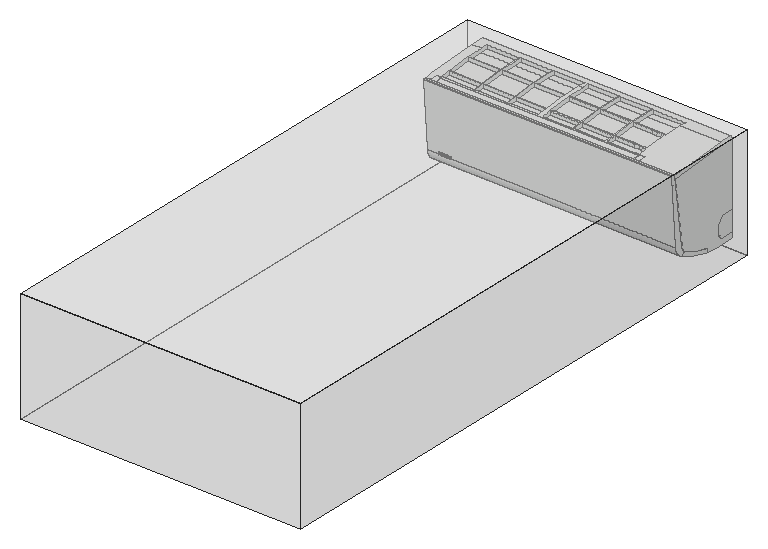
Revit family "outputfile", category 機械設備, Revit 2024 (continued)
Definition of nested family "DAIKIN_indoorunit_FTKF-CVA"
  Cuts and joins
    Extrusion 48, Extrusion 50 cuts Extrusion 37
    Extrusion 48, Extrusion 50 cuts Extrusion 38
    Extrusion 50 cuts Extrusion 49
    Extrusion 52, Extrusion 54 cuts Extrusion 2
    Extrusion 52, Extrusion 54 cuts Extrusion 6
    Extrusion 54 cuts Extrusion 53
    Extrusion 47 cuts Extrusion 46
  Lines and regions (mm)
    reference lines
      curve 1: line (-523, -203.827, -201.479) -> (-523, -197.847, -215.327)
      curve 2: line (-523, -218.956, -203.806) -> (-523, -217.93, -217.251)
      curve 3: line (-523, -253.284, -206.176) -> (-523, -252.024, -219.601)
  Dimensions and locks
    locked: Extrusion 9 sketch curve to Extrusion 9 sketch curve at 60
    locked: Extrusion 9 sketch curve to Extrusion 9 sketch curve at 50
    locked: Extrusion 11 sketch curve to Extrusion 11 sketch curve at 48.5
    equal spacing: plane 5, plane 3 "Center (Left/Right)", plane 4
    "Width": plane 5 to plane 4
    locked: Extrusion 8 sketch curve to plane 4 at 48
    "WALL HOLE-R": plane 5 to Extrusion 8 sketch curve
    "Height": plane 2 "reference_level" to plane 6
    locked: Extrusion 8 sketch curve to plane 6 at 45  (x2)
    Extrusion 13 to nested 2 = 36.0 mm
    locked: Extrusion 19 sketch curve to Extrusion 19 sketch curve at 60
    locked: Extrusion 20 sketch curve to Extrusion 20 sketch curve at 60
    Extrusion 21 sketch curve to Extrusion 21 sketch curve = 52.0 mm  (x2)
    Extrusion 11 sketch curve to Extrusion 11 sketch curve to plane 3 "Center (Left/Right)" = 60.0 mm locked, 286.0 mm locked
    plane 3 "Center (Left/Right)" to Extrusion 11 sketch curve to Extrusion 11 sketch curve = 259.0 mm locked, 60.0 mm locked
    Extrusion 21 sketch curve to Extrusion 21 sketch curve to plane 3 "Center (Left/Right)" to Extrusion 21 sketch curve to Extrusion 21 sketch curve = 60.0 mm, 309.0 mm, 309.0 mm, 60.0 mm
    Extrusion 42 sketch curve to plane 1 "Center (Front/Back)" = 61.8 mm
    Extrusion 42 sketch curve to Extrusion 42 sketch curve to plane 3 "Center (Left/Right)" to Extrusion 42 sketch curve to Extrusion 42 sketch curve = 73.5 mm locked, 395.5 mm locked, 395.5 mm locked, 73.5 mm locked
    aligned and locked: level to plane 2 "reference_level"
    aligned and locked: Extrusion 11 sketch curve to Extrusion 11 sketch curve  (x2)
    aligned and locked: Extrusion 8 to plane 1 "Center (Front/Back)"
    aligned and locked: nested 2 to curve 2
    aligned and locked: nested 3 to curve 3
    aligned and locked: Extrusion 42 sketch curve to Extrusion 42 sketch curve
  Automatic sketch dimensions
    Extrusion 4 sketch curve to plane 1 "Center (Front/Back)" = 0.0 mm
    plane 1 "Center (Front/Back)" to Extrusion 4 sketch curve = 2.596 mm
    plane 1 "Center (Front/Back)" to Extrusion 4 sketch curve = 22.05 mm
    Extrusion 4 sketch curve to level = 8.0 mm
    Extrusion 4 sketch curve to Extrusion 4 sketch curve = 87.469 mm
    Extrusion 4 sketch curve to Extrusion 4 sketch curve = 23.928 mm
    Extrusion 4 sketch curve to Extrusion 4 sketch curve = 26.307 mm
    Extrusion 4 sketch curve to Extrusion 4 sketch curve = 83.5 mm
    Extrusion 4 sketch curve to level = 28.539 mm
    Extrusion 4 sketch curve to Extrusion 4 sketch curve = 91.44 mm
    Extrusion 4 sketch curve to Extrusion 4 sketch curve = 12.229 mm
    Extrusion 4 sketch curve to Extrusion 4 sketch curve = 32.705 mm
    Extrusion 4 sketch curve to level = 43.491 mm
    Extrusion 4 sketch curve to Extrusion 4 sketch curve = 3.707 mm
    Extrusion 4 sketch curve to Extrusion 4 sketch curve = 52.472 mm
    Extrusion 4 sketch curve to Extrusion 4 sketch curve = 0.0 mm
    plane 1 "Center (Front/Back)" to Extrusion 5 sketch curve = 192.48 mm
    Extrusion 5 sketch curve to Extrusion 5 sketch curve = 11.872 mm
    Extrusion 5 sketch curve to Extrusion 5 sketch curve = 65.26 mm
    Extrusion 5 sketch curve to Extrusion 5 sketch curve = 0.31 mm  (x2)
    Extrusion 5 sketch curve to Extrusion 5 sketch curve = 66.449 mm
    plane 1 "Center (Front/Back)" to Extrusion 5 sketch curve = 22.36 mm
    Extrusion 5 sketch curve to level = 276.027 mm
    Extrusion 5 sketch curve to Extrusion 5 sketch curve = 10.915 mm
    Extrusion 5 sketch curve to Extrusion 5 sketch curve = 42.154 mm
    Extrusion 5 sketch curve to Extrusion 5 sketch curve = 1.37 mm
    Extrusion 5 sketch curve to Extrusion 5 sketch curve = 54.088 mm
    Extrusion 5 sketch curve to Extrusion 5 sketch curve = 0.0 mm  (x2)
    Extrusion 5 sketch curve to level = 43.491 mm
    plane 1 "Center (Front/Back)" to Extrusion 6 sketch curve = 192.48 mm
    Extrusion 6 sketch curve to Extrusion 6 sketch curve = 11.872 mm
    Extrusion 6 sketch curve to Extrusion 6 sketch curve = 65.26 mm
    Extrusion 6 sketch curve to Extrusion 6 sketch curve = 0.31 mm  (x2)
    Extrusion 6 sketch curve to Extrusion 6 sketch curve = 66.449 mm
    plane 1 "Center (Front/Back)" to Extrusion 6 sketch curve = 22.36 mm
    Extrusion 6 sketch curve to level = 276.027 mm
    Extrusion 6 sketch curve to Extrusion 6 sketch curve = 10.915 mm
    Extrusion 6 sketch curve to Extrusion 6 sketch curve = 42.154 mm
    Extrusion 6 sketch curve to Extrusion 6 sketch curve = 1.37 mm
    Extrusion 6 sketch curve to Extrusion 6 sketch curve = 54.088 mm
    Extrusion 6 sketch curve to Extrusion 6 sketch curve = 0.0 mm  (x2)
    Extrusion 6 sketch curve to level = 43.491 mm
    plane 1 "Center (Front/Back)" to Extrusion 7 sketch curve = 72.419 mm
    Extrusion 7 sketch curve to plane 3 "Center (Left/Right)" = 324.633 mm
    Extrusion 7 sketch curve to Extrusion 7 sketch curve = 0.0 mm  (x39)
    plane 1 "Center (Front/Back)" to Extrusion 7 sketch curve = 75.939 mm
    Extrusion 7 sketch curve to Extrusion 7 sketch curve = 20.633 mm  (x2)
    plane 1 "Center (Front/Back)" to Extrusion 7 sketch curve = 74.9 mm
    plane 1 "Center (Front/Back)" to Extrusion 7 sketch curve = 142.3 mm
    Extrusion 7 sketch curve to Extrusion 7 sketch curve = 24.633 mm
    Extrusion 7 sketch curve to Extrusion 7 sketch curve = 69.1 mm
    plane 1 "Center (Front/Back)" to Extrusion 7 sketch curve = 24.5 mm  (x4)
    Extrusion 7 sketch curve to Extrusion 7 sketch curve = 1.4 mm  (x23)
    Extrusion 7 sketch curve to Extrusion 7 sketch curve = 86.6 mm
    Extrusion 7 sketch curve to Extrusion 7 sketch curve = 70.6 mm
    Extrusion 7 sketch curve to Extrusion 7 sketch curve = 20.0 mm  (x4)
    plane 3 "Center (Left/Right)" to Extrusion 7 sketch curve = 36.5 mm  (x2)
    Extrusion 7 sketch curve to Extrusion 7 sketch curve = 87.0 mm
    Extrusion 7 sketch curve to Extrusion 7 sketch curve = 69.717 mm
    Extrusion 7 sketch curve to Extrusion 7 sketch curve = 1.026 mm
    Extrusion 7 sketch curve to Extrusion 7 sketch curve = 38.883 mm
    Extrusion 7 sketch curve to Extrusion 7 sketch curve = 39.104 mm
    Extrusion 7 sketch curve to Extrusion 7 sketch curve = 1.291 mm
    Extrusion 7 sketch curve to Extrusion 7 sketch curve = 1.048 mm  (x5)
    Extrusion 7 sketch curve to Extrusion 7 sketch curve = 41.2 mm
    Extrusion 7 sketch curve to Extrusion 7 sketch curve = 3.496 mm  (x2)
    Extrusion 7 sketch curve to Extrusion 7 sketch curve = 3.508 mm
    Extrusion 7 sketch curve to Extrusion 7 sketch curve = 63.904 mm
    Extrusion 7 sketch curve to Extrusion 7 sketch curve = 66.0 mm
    Extrusion 7 sketch curve to Extrusion 7 sketch curve = 3.386 mm
    Extrusion 9 sketch curve to plane 1 "Center (Front/Back)" = 0.0 mm
    Extrusion 9 sketch curve to Extrusion 9 sketch curve = 20.0 mm  (x2)
    Extrusion 9 sketch curve to level = 273.0 mm
    plane 1 "Center (Front/Back)" to Extrusion 11 sketch curve = 0.0 mm
    Extrusion 11 sketch curve to Extrusion 11 sketch curve = 18.5 mm  (x3)
    Extrusion 11 sketch curve to Extrusion 11 sketch curve = 23.0 mm
    Extrusion 12 sketch curve to level = 0.0 mm
    Extrusion 12 sketch curve to plane 1 "Center (Front/Back)" = 0.0 mm
    plane 1 "Center (Front/Back)" to Extrusion 12 sketch curve = 5.0 mm
    Extrusion 12 sketch curve to plane 1 "Center (Front/Back)" = 14.977 mm
    Extrusion 12 sketch curve to level = 9.02 mm
    Extrusion 12 sketch curve to level = 11.0 mm
    level to Extrusion 12 sketch curve = 9.314 mm
    plane 1 "Center (Front/Back)" to Extrusion 14 sketch curve = 23.5 mm  (x3)
    Extrusion 14 sketch curve to plane 3 "Center (Left/Right)" = 355.499 mm
    Extrusion 14 sketch curve to Extrusion 14 sketch curve = 0.0 mm  (x34)
    Extrusion 14 sketch curve to Extrusion 14 sketch curve = 101.5 mm
    Extrusion 14 sketch curve to Extrusion 14 sketch curve = 2.6 mm  (x8)
    Extrusion 14 sketch curve to Extrusion 14 sketch curve = 99.5 mm  (x2)
    Extrusion 14 sketch curve to plane 3 "Center (Left/Right)" = 54.549 mm
    Extrusion 14 sketch curve to Extrusion 14 sketch curve = 12.0 mm  (x7)
    plane 3 "Center (Left/Right)" to Extrusion 14 sketch curve = 52.301 mm  (x2)
    Extrusion 14 sketch curve to Extrusion 14 sketch curve = 73.2 mm  (x2)
    Extrusion 14 sketch curve to Extrusion 14 sketch curve = 2.4 mm  (x6)
    Extrusion 14 sketch curve to Extrusion 14 sketch curve = 71.0 mm  (x3)
    Extrusion 14 sketch curve to Extrusion 14 sketch curve = 1.6 mm  (x6)
    Extrusion 14 sketch curve to Extrusion 14 sketch curve = 30.0 mm  (x3)
    plane 1 "Center (Front/Back)" to Extrusion 15 sketch curve = 194.856 mm
    Extrusion 15 sketch curve to Extrusion 15 sketch curve = 9.074 mm
    Extrusion 15 sketch curve to Extrusion 15 sketch curve = 86.508 mm
    level to Extrusion 15 sketch curve = 11.72 mm
    plane 1 "Center (Front/Back)" to Extrusion 15 sketch curve = 52.895 mm
    Extrusion 15 sketch curve to Extrusion 15 sketch curve = 0.004 mm
    Extrusion 15 sketch curve to Extrusion 15 sketch curve = 0.033 mm
    Extrusion 15 sketch curve to level = 244.604 mm
    Extrusion 15 sketch curve to Extrusion 15 sketch curve = 7.382 mm
    plane 1 "Center (Front/Back)" to Extrusion 16 sketch curve = 194.856 mm
    Extrusion 16 sketch curve to Extrusion 16 sketch curve = 9.074 mm
    Extrusion 16 sketch curve to Extrusion 16 sketch curve = 86.508 mm
    level to Extrusion 16 sketch curve = 11.72 mm
    plane 1 "Center (Front/Back)" to Extrusion 16 sketch curve = 52.895 mm
    Extrusion 16 sketch curve to Extrusion 16 sketch curve = 0.004 mm
    Extrusion 16 sketch curve to level = 244.604 mm
    Extrusion 16 sketch curve to Extrusion 16 sketch curve = 7.382 mm
    Extrusion 16 sketch curve to Extrusion 16 sketch curve = 10.901 mm
    plane 1 "Center (Front/Back)" to Extrusion 17 sketch curve = 194.856 mm
    Extrusion 17 sketch curve to Extrusion 17 sketch curve = 9.074 mm
    Extrusion 17 sketch curve to Extrusion 17 sketch curve = 86.508 mm
    level to Extrusion 17 sketch curve = 11.72 mm
    plane 1 "Center (Front/Back)" to Extrusion 17 sketch curve = 52.895 mm
    Extrusion 17 sketch curve to Extrusion 17 sketch curve = 0.004 mm
    Extrusion 17 sketch curve to level = 244.604 mm
    Extrusion 17 sketch curve to Extrusion 17 sketch curve = 7.382 mm
    Extrusion 17 sketch curve to Extrusion 17 sketch curve = 10.901 mm
    Extrusion 19 sketch curve to plane 1 "Center (Front/Back)" = 0.0 mm
    Extrusion 19 sketch curve to Extrusion 19 sketch curve = 32.8 mm
    plane 1 "Center (Front/Back)" to Extrusion 19 sketch curve = 32.8 mm
    Extrusion 19 sketch curve to Extrusion 19 sketch curve = 19.2 mm
    Extrusion 19 sketch curve to level = 269.6 mm
    Extrusion 20 sketch curve to plane 1 "Center (Front/Back)" = 0.0 mm
    Extrusion 20 sketch curve to Extrusion 20 sketch curve = 32.8 mm  (x2)
    Extrusion 20 sketch curve to Extrusion 20 sketch curve = 19.2 mm
    Extrusion 20 sketch curve to level = 269.6 mm
    plane 1 "Center (Front/Back)" to Extrusion 21 sketch curve = 0.0 mm  (x2)
    Extrusion 21 sketch curve to Extrusion 21 sketch curve = 20.0 mm  (x4)
    Extrusion 22 sketch curve to plane 3 "Center (Left/Right)" = 339.0 mm
    plane 3 "Center (Left/Right)" to Extrusion 22 sketch curve = 231.0 mm
    plane 1 "Center (Front/Back)" to Extrusion 22 sketch curve = 202.769 mm
    Extrusion 22 sketch curve to Extrusion 22 sketch curve = 17.012 mm
    Extrusion 23 sketch curve to plane 3 "Center (Left/Right)" = 339.0 mm
    Extrusion 23 sketch curve to Extrusion 23 sketch curve = 15.0 mm  (x2)
    plane 3 "Center (Left/Right)" to Extrusion 23 sketch curve = 216.0 mm
    plane 1 "Center (Front/Back)" to Extrusion 23 sketch curve = 202.757 mm  (x2)
    Extrusion 23 sketch curve to Extrusion 23 sketch curve = 17.0 mm  (x2)
    Extrusion 24 sketch curve to plane 3 "Center (Left/Right)" = 324.0 mm
    Extrusion 24 sketch curve to Extrusion 24 sketch curve = 43.629 mm
    Extrusion 24 sketch curve to Extrusion 24 sketch curve = 1.5 mm  (x9)
    Extrusion 24 sketch curve to Extrusion 24 sketch curve = 21.542 mm  (x3)
    Extrusion 24 sketch curve to plane 3 "Center (Left/Right)" = 123.621 mm
    Extrusion 24 sketch curve to plane 3 "Center (Left/Right)" = 9.121 mm
    plane 3 "Center (Left/Right)" to Extrusion 24 sketch curve = 13.921 mm
    Extrusion 24 sketch curve to Extrusion 24 sketch curve = 132.208 mm
    Extrusion 24 sketch curve to Extrusion 24 sketch curve = 43.829 mm
    plane 1 "Center (Front/Back)" to Extrusion 24 sketch curve = 202.757 mm
    plane 1 "Center (Front/Back)" to Extrusion 24 sketch curve = 195.757 mm
    Extrusion 24 sketch curve to Extrusion 24 sketch curve = 7.0 mm  (x2)
    Extrusion 24 sketch curve to Extrusion 24 sketch curve = 3.5 mm  (x4)
    Extrusion 24 sketch curve to Extrusion 24 sketch curve = 12.0 mm
    Extrusion 26 sketch curve to plane 3 "Center (Left/Right)" = 373.412 mm
    Extrusion 26 sketch curve to Extrusion 26 sketch curve = 1.011 mm
    Extrusion 26 sketch curve to Extrusion 26 sketch curve = 15.228 mm
    Extrusion 26 sketch curve to Extrusion 26 sketch curve = 0.132 mm
    plane 3 "Center (Left/Right)" to Extrusion 26 sketch curve = 259.015 mm
    Extrusion 26 sketch curve to Extrusion 26 sketch curve = 0.133 mm
    Extrusion 26 sketch curve to Extrusion 26 sketch curve = 15.197 mm
    Extrusion 26 sketch curve to Extrusion 26 sketch curve = 16.358 mm
    plane 1 "Center (Front/Back)" to Extrusion 26 sketch curve = 238.673 mm
    Extrusion 26 sketch curve to Extrusion 26 sketch curve = 34.983 mm
    Extrusion 26 sketch curve to Extrusion 26 sketch curve = 3.79 mm  (x2)
    plane 3 "Center (Left/Right)" to Extrusion 26 sketch curve = 247.689 mm
    plane 1 "Center (Front/Back)" to Extrusion 26 sketch curve = 58.091 mm
    Extrusion 27 sketch curve to plane 3 "Center (Left/Right)" = 373.099 mm
    Extrusion 27 sketch curve to Extrusion 27 sketch curve = 0.698 mm
    Extrusion 27 sketch curve to Extrusion 27 sketch curve = 15.228 mm
    Extrusion 27 sketch curve to Extrusion 27 sketch curve = 0.132 mm
    Extrusion 27 sketch curve to Extrusion 27 sketch curve = 1.99 mm
    plane 3 "Center (Left/Right)" to Extrusion 27 sketch curve = 257.001 mm
    Extrusion 27 sketch curve to Extrusion 27 sketch curve = 2.014 mm
    Extrusion 27 sketch curve to Extrusion 27 sketch curve = 0.133 mm
    Extrusion 27 sketch curve to Extrusion 27 sketch curve = 15.196 mm
    Extrusion 27 sketch curve to Extrusion 27 sketch curve = 18.053 mm
    plane 1 "Center (Front/Back)" to Extrusion 27 sketch curve = 226.673 mm  (x2)
    Extrusion 27 sketch curve to Extrusion 27 sketch curve = 22.983 mm  (x2)
    Extrusion 27 sketch curve to Extrusion 27 sketch curve = 3.79 mm  (x2)
    Extrusion 28 sketch curve to plane 3 "Center (Left/Right)" = 355.05 mm
    plane 3 "Center (Left/Right)" to Extrusion 28 sketch curve = 257.001 mm
    plane 1 "Center (Front/Back)" to Extrusion 28 sketch curve = 226.673 mm
    Extrusion 28 sketch curve to Extrusion 28 sketch curve = 22.983 mm
    Extrusion 29 sketch curve to level = 0.0 mm
    Extrusion 29 sketch curve to level = 30.0 mm
    plane 1 "Center (Front/Back)" to Extrusion 29 sketch curve = 238.673 mm
    Extrusion 29 sketch curve to Extrusion 29 sketch curve = 38.773 mm
    Extrusion 29 sketch curve to Extrusion 29 sketch curve = 0.0 mm  (x2)
    plane 1 "Center (Front/Back)" to Extrusion 29 sketch curve = 45.84 mm
    Extrusion 29 sketch curve to plane 1 "Center (Front/Back)" = 14.977 mm
    Extrusion 29 sketch curve to Extrusion 29 sketch curve = 994.66 mm
    Extrusion 29 sketch curve to Extrusion 29 sketch curve = 0.163 mm
    Extrusion 29 sketch curve to Extrusion 29 sketch curve = 7.224 mm
    Extrusion 29 sketch curve to level = 11.646 mm
    level to Extrusion 29 sketch curve = 9.314 mm
    Extrusion 29 sketch curve to Extrusion 29 sketch curve = 13.398 mm
    Extrusion 30 sketch curve to Extrusion 30 sketch curve = 0.0 mm  (x2)
    plane 1 "Center (Front/Back)" to Extrusion 30 sketch curve = 189.887 mm
    Extrusion 30 sketch curve to Extrusion 30 sketch curve = 11.307 mm
    Extrusion 30 sketch curve to Extrusion 30 sketch curve = 46.464 mm
    Extrusion 30 sketch curve to Extrusion 30 sketch curve = 21.724 mm
    Extrusion 30 sketch curve to level = 277.1 mm
    Extrusion 30 sketch curve to Extrusion 30 sketch curve = 22.499 mm
    Extrusion 31 sketch curve to Extrusion 31 sketch curve = 0.0 mm  (x2)
    plane 1 "Center (Front/Back)" to Extrusion 31 sketch curve = 189.887 mm
    Extrusion 31 sketch curve to Extrusion 31 sketch curve = 11.307 mm
    Extrusion 31 sketch curve to Extrusion 31 sketch curve = 46.464 mm
    Extrusion 31 sketch curve to Extrusion 31 sketch curve = 21.724 mm
    Extrusion 31 sketch curve to level = 277.1 mm
    Extrusion 31 sketch curve to Extrusion 31 sketch curve = 22.499 mm
    Extrusion 32 sketch curve to Extrusion 32 sketch curve = 0.0 mm  (x2)
    plane 1 "Center (Front/Back)" to Extrusion 32 sketch curve = 185.929 mm
    Extrusion 32 sketch curve to Extrusion 32 sketch curve = 6.899 mm
    Extrusion 32 sketch curve to Extrusion 32 sketch curve = 9.219 mm
    Extrusion 32 sketch curve to Extrusion 32 sketch curve = 7.915 mm
    Extrusion 32 sketch curve to level = 264.005 mm
    Extrusion 32 sketch curve to Extrusion 32 sketch curve = 7.405 mm
    Extrusion 33 sketch curve to Extrusion 33 sketch curve = 0.0 mm  (x2)
    plane 1 "Center (Front/Back)" to Extrusion 33 sketch curve = 185.929 mm
    Extrusion 33 sketch curve to Extrusion 33 sketch curve = 6.899 mm
    Extrusion 33 sketch curve to Extrusion 33 sketch curve = 9.219 mm
    Extrusion 33 sketch curve to Extrusion 33 sketch curve = 7.915 mm
    Extrusion 33 sketch curve to level = 264.005 mm
    Extrusion 33 sketch curve to Extrusion 33 sketch curve = 7.405 mm
    plane 1 "Center (Front/Back)" to Extrusion 36 sketch curve = 233.849 mm
    Extrusion 36 sketch curve to Extrusion 36 sketch curve = 11.574 mm
    Extrusion 36 sketch curve to Extrusion 36 sketch curve = 106.825 mm
    Extrusion 36 sketch curve to Extrusion 36 sketch curve = 0.0 mm
    level to Extrusion 36 sketch curve = 3.941 mm
    plane 1 "Center (Front/Back)" to Extrusion 36 sketch curve = 90.201 mm
    Extrusion 36 sketch curve to Extrusion 36 sketch curve = 0.002 mm
    Extrusion 36 sketch curve to Extrusion 36 sketch curve = 0.776 mm
    Extrusion 36 sketch curve to level = 250.06 mm
    Extrusion 36 sketch curve to Extrusion 36 sketch curve = 9.301 mm
    Extrusion 36 sketch curve to Extrusion 36 sketch curve = 31.169 mm
    Extrusion 36 sketch curve to Extrusion 36 sketch curve = 13.702 mm
    Extrusion 36 sketch curve to Extrusion 36 sketch curve = 27.641 mm
    plane 1 "Center (Front/Back)" to Extrusion 37 sketch curve = 233.849 mm
    Extrusion 37 sketch curve to Extrusion 37 sketch curve = 11.574 mm
    Extrusion 37 sketch curve to Extrusion 37 sketch curve = 106.825 mm
    Extrusion 37 sketch curve to Extrusion 37 sketch curve = 0.0 mm
    level to Extrusion 37 sketch curve = 3.941 mm
    plane 1 "Center (Front/Back)" to Extrusion 37 sketch curve = 90.201 mm
    Extrusion 37 sketch curve to Extrusion 37 sketch curve = 0.002 mm
    Extrusion 37 sketch curve to Extrusion 37 sketch curve = 0.776 mm
    Extrusion 37 sketch curve to level = 250.06 mm
    Extrusion 37 sketch curve to Extrusion 37 sketch curve = 9.301 mm
    Extrusion 37 sketch curve to Extrusion 37 sketch curve = 31.169 mm
    Extrusion 37 sketch curve to Extrusion 37 sketch curve = 13.702 mm
    Extrusion 37 sketch curve to Extrusion 37 sketch curve = 27.641 mm
    plane 1 "Center (Front/Back)" to Extrusion 38 sketch curve = 233.849 mm
    Extrusion 38 sketch curve to Extrusion 38 sketch curve = 11.574 mm
    Extrusion 38 sketch curve to Extrusion 38 sketch curve = 106.825 mm
    Extrusion 38 sketch curve to Extrusion 38 sketch curve = 0.0 mm
    level to Extrusion 38 sketch curve = 3.941 mm
    plane 1 "Center (Front/Back)" to Extrusion 38 sketch curve = 90.201 mm
    Extrusion 38 sketch curve to Extrusion 38 sketch curve = 0.002 mm
    Extrusion 38 sketch curve to Extrusion 38 sketch curve = 0.776 mm
    Extrusion 38 sketch curve to level = 250.06 mm
    Extrusion 38 sketch curve to Extrusion 38 sketch curve = 9.301 mm
    Extrusion 38 sketch curve to Extrusion 38 sketch curve = 31.169 mm
    Extrusion 38 sketch curve to Extrusion 38 sketch curve = 13.702 mm
    Extrusion 38 sketch curve to Extrusion 38 sketch curve = 27.641 mm
    Extrusion 40 sketch curve to plane 1 "Center (Front/Back)" = 0.0 mm
    plane 1 "Center (Front/Back)" to Extrusion 40 sketch curve = 41.8 mm
    Extrusion 40 sketch curve to Extrusion 40 sketch curve = 0.0 mm  (x2)
    Extrusion 40 sketch curve to Extrusion 40 sketch curve = 20.0 mm
    Extrusion 40 sketch curve to level = 275.5 mm
    Extrusion 40 sketch curve to Extrusion 40 sketch curve = 33.5 mm
    Extrusion 41 sketch curve to plane 1 "Center (Front/Back)" = 0.0 mm
    plane 1 "Center (Front/Back)" to Extrusion 41 sketch curve = 41.8 mm
    Extrusion 41 sketch curve to Extrusion 41 sketch curve = 0.0 mm
    Extrusion 41 sketch curve to Extrusion 41 sketch curve = 20.0 mm
    Extrusion 41 sketch curve to level = 202.0 mm
    Extrusion 41 sketch curve to Extrusion 41 sketch curve = 33.5 mm
    plane 1 "Center (Front/Back)" to Extrusion 42 sketch curve = 0.0 mm  (x2)
    Extrusion 42 sketch curve to Extrusion 42 sketch curve = 20.0 mm  (x4)
    plane 3 "Center (Left/Right)" to Extrusion 44 sketch curve = 380.0 mm
    Extrusion 46 sketch curve to plane 3 "Center (Left/Right)" = 466.5 mm
    plane 3 "Center (Left/Right)" to Extrusion 46 sketch curve = 366.0 mm
    plane 1 "Center (Front/Back)" to Extrusion 46 sketch curve = 264.436 mm
    Extrusion 46 sketch curve to Extrusion 46 sketch curve = 25.436 mm
    Extrusion 47 sketch curve to level = 33.272 mm
    Extrusion 47 sketch curve to level = 22.853 mm
    level to Extrusion 47 sketch curve = 5.0 mm
    Extrusion 48 sketch curve to Extrusion 48 sketch curve = 20.148 mm
    Extrusion 48 sketch curve to Extrusion 48 sketch curve = 44.745 mm
    Extrusion 48 sketch curve to Extrusion 48 sketch curve = 22.502 mm
    level to Extrusion 48 sketch curve = 6.546 mm
    plane 1 "Center (Front/Back)" to Extrusion 48 sketch curve = 89.423 mm
    Extrusion 48 sketch curve to Extrusion 48 sketch curve = 0.0 mm  (x2)
    Extrusion 48 sketch curve to Extrusion 48 sketch curve = 11.127 mm
    Extrusion 49 sketch curve to Extrusion 49 sketch curve = 0.0 mm  (x2)
    level to Extrusion 49 sketch curve = 6.546 mm
    plane 1 "Center (Front/Back)" to Extrusion 49 sketch curve = 89.423 mm
    Extrusion 49 sketch curve to level = 261.498 mm
    Extrusion 49 sketch curve to Extrusion 49 sketch curve = 11.127 mm
    Extrusion 49 sketch curve to Extrusion 49 sketch curve = 64.893 mm
    Extrusion 49 sketch curve to Extrusion 49 sketch curve = 20.148 mm
    Extrusion 50 sketch curve to Extrusion 50 sketch curve = 8.97 mm
    Extrusion 50 sketch curve to Extrusion 50 sketch curve = 7.404 mm
    level to Extrusion 50 sketch curve = 6.546 mm
    Extrusion 50 sketch curve to Extrusion 50 sketch curve = 6.785 mm
    Extrusion 50 sketch curve to Extrusion 50 sketch curve = 7.726 mm
    Extrusion 50 sketch curve to Extrusion 50 sketch curve = 0.0 mm  (x2)
    plane 1 "Center (Front/Back)" to Extrusion 50 sketch curve = 89.423 mm
    Extrusion 51 sketch curve to Extrusion 51 sketch curve = 0.0 mm  (x2)
    level to Extrusion 51 sketch curve = 6.546 mm
    plane 1 "Center (Front/Back)" to Extrusion 51 sketch curve = 89.423 mm
    Extrusion 51 sketch curve to level = 263.5 mm
    Extrusion 51 sketch curve to Extrusion 51 sketch curve = 6.785 mm
    Extrusion 51 sketch curve to Extrusion 51 sketch curve = 16.697 mm
    Extrusion 51 sketch curve to Extrusion 51 sketch curve = 7.726 mm
    Extrusion 10 sketch curve to plane 1 "Center (Front/Back)" = 0.0 mm
    plane 1 "Center (Front/Back)" to Extrusion 10 sketch curve = 30.0 mm
    Extrusion 10 sketch curve to Extrusion 10 sketch curve = 0.0 mm
    Extrusion 10 sketch curve to Extrusion 10 sketch curve = 20.0 mm  (x2)
    Extrusion 10 sketch curve to level = 273.0 mm
    Extrusion 3 sketch curve to level = 13.692 mm
    plane 1 "Center (Front/Back)" to Extrusion 3 sketch curve = 211.618 mm
    Extrusion 3 sketch curve to Extrusion 3 sketch curve = 0.618 mm
    Extrusion 3 sketch curve to Extrusion 3 sketch curve = 1.902 mm
    Extrusion 3 sketch curve to Extrusion 3 sketch curve = 2.0 mm
    Extrusion 3 sketch curve to level = 10.816 mm
    Extrusion 3 sketch curve to Extrusion 3 sketch curve = 8.849 mm
    Extrusion 3 sketch curve to Extrusion 3 sketch curve = 2.652 mm
    Extrusion 3 sketch curve to Extrusion 3 sketch curve = 151.871 mm
    Extrusion 3 sketch curve to Extrusion 3 sketch curve = 95.0 mm
    Extrusion 3 sketch curve to Extrusion 3 sketch curve = 10.31 mm
    Extrusion 3 sketch curve to Extrusion 3 sketch curve = 6.572 mm
    Extrusion 3 sketch curve to Extrusion 3 sketch curve = 0.097 mm
    Extrusion 3 sketch curve to Extrusion 3 sketch curve = 0.31 mm
    Extrusion 3 sketch curve to Extrusion 3 sketch curve = 11.812 mm
    plane 1 "Center (Front/Back)" to Extrusion 2 sketch curve = 115.348 mm
    plane 1 "Center (Front/Back)" to Extrusion 2 sketch curve = 22.36 mm
    Extrusion 2 sketch curve to level = 167.5 mm
    Extrusion 2 sketch curve to level = 43.491 mm
    Extrusion 2 sketch curve to Extrusion 2 sketch curve = 1.189 mm
    Extrusion 2 sketch curve to Extrusion 2 sketch curve = 58.182 mm
    Extrusion 2 sketch curve to Extrusion 2 sketch curve = 0.0 mm  (x4)
    Extrusion 2 sketch curve to Extrusion 2 sketch curve = 20.14 mm
    Extrusion 2 sketch curve to Extrusion 2 sketch curve = 0.31 mm  (x2)
    Extrusion 2 sketch curve to Extrusion 2 sketch curve = 11.872 mm
    Extrusion 2 sketch curve to Extrusion 2 sketch curve = 6.31 mm
    Extrusion 52 sketch curve to Extrusion 52 sketch curve = 0.0 mm  (x5)
    Extrusion 52 sketch curve to Extrusion 52 sketch curve = 52.75 mm
    plane 1 "Center (Front/Back)" to Extrusion 52 sketch curve = 22.36 mm
    Extrusion 52 sketch curve to Extrusion 52 sketch curve = 35.994 mm
    Extrusion 52 sketch curve to Extrusion 52 sketch curve = 64.506 mm
    Extrusion 52 sketch curve to level = 43.491 mm
    Extrusion 52 sketch curve to Extrusion 52 sketch curve = 6.981 mm
    Extrusion 52 sketch curve to Extrusion 52 sketch curve = 5.769 mm
    Extrusion 52 sketch curve to Extrusion 52 sketch curve = 3.0 mm
    Extrusion 52 sketch curve to Extrusion 52 sketch curve = 11.895 mm
    plane 1 "Center (Front/Back)" to Extrusion 53 sketch curve = 22.36 mm
    Extrusion 53 sketch curve to level = 43.491 mm
    Extrusion 53 sketch curve to Extrusion 53 sketch curve = 5.097 mm
    Extrusion 53 sketch curve to Extrusion 53 sketch curve = 48.896 mm
    Extrusion 53 sketch curve to Extrusion 53 sketch curve = 0.0 mm  (x6)
    Extrusion 53 sketch curve to Extrusion 53 sketch curve = 8.769 mm
    Extrusion 53 sketch curve to Extrusion 53 sketch curve = 11.895 mm
    Extrusion 53 sketch curve to Extrusion 53 sketch curve = 6.981 mm
    Extrusion 53 sketch curve to Extrusion 53 sketch curve = 3.0 mm
    Extrusion 54 sketch curve to Extrusion 54 sketch curve = 0.0 mm  (x6)
    Extrusion 54 sketch curve to Extrusion 54 sketch curve = 9.206 mm
    Extrusion 54 sketch curve to Extrusion 54 sketch curve = 61.422 mm
    plane 1 "Center (Front/Back)" to Extrusion 54 sketch curve = 22.36 mm
    Extrusion 54 sketch curve to Extrusion 54 sketch curve = 11.007 mm
    Extrusion 54 sketch curve to level = 43.491 mm
    Extrusion 54 sketch curve to Extrusion 54 sketch curve = 4.409 mm
    Extrusion 54 sketch curve to Extrusion 54 sketch curve = 1.8 mm
    Extrusion 54 sketch curve to Extrusion 54 sketch curve = 5.228 mm
    Extrusion 55 sketch curve to Extrusion 55 sketch curve = 61.422 mm
    Extrusion 55 sketch curve to level = 235.993 mm
    Extrusion 55 sketch curve to Extrusion 55 sketch curve = 4.409 mm
    Extrusion 55 sketch curve to Extrusion 55 sketch curve = 6.229 mm
    plane 1 "Center (Front/Back)" to Extrusion 55 sketch curve = 22.36 mm
    Extrusion 55 sketch curve to Extrusion 55 sketch curve = 0.0 mm  (x6)
    Extrusion 55 sketch curve to Extrusion 55 sketch curve = 8.205 mm
    Extrusion 55 sketch curve to Extrusion 55 sketch curve = 5.228 mm
    Extrusion 55 sketch curve to Extrusion 55 sketch curve = 1.8 mm
    Extrusion 25 sketch curve to Extrusion 25 sketch curve = 0.0 mm  (x4)
    Extrusion 25 sketch curve to level = 0.0 mm
    Extrusion 25 sketch curve to level = 35.0 mm
    plane 1 "Center (Front/Back)" to Extrusion 25 sketch curve = 205.202 mm
    Extrusion 25 sketch curve to Extrusion 25 sketch curve = 19.445 mm
    plane 1 "Center (Front/Back)" to Extrusion 25 sketch curve = 104.232 mm
    Extrusion 25 sketch curve to Extrusion 25 sketch curve = 209.941 mm
    Extrusion 25 sketch curve to Extrusion 25 sketch curve = 4.474 mm
    Extrusion 25 sketch curve to Extrusion 25 sketch curve = 8.811 mm
    Extrusion 12 sketch curve to Extrusion 12 sketch curve = 1.396 mm
    plane 1 "Center (Front/Back)" to Extrusion 12 sketch curve = 45.84 mm
    Extrusion 12 sketch curve to Extrusion 12 sketch curve = 0.0 mm
    Extrusion 12 sketch curve to Extrusion 12 sketch curve = 0.163 mm
    Extrusion 12 sketch curve to level = 26.758 mm
    Extrusion 18 sketch curve to plane 1 "Center (Front/Back)" = 0.0 mm
    level to Extrusion 18 sketch curve = 4.099 mm
    Extrusion 18 sketch curve to Extrusion 18 sketch curve = 0.857 mm
    Extrusion 18 sketch curve to Extrusion 18 sketch curve = 6.16 mm
    Extrusion 18 sketch curve to Extrusion 18 sketch curve = 46.473 mm
    Extrusion 18 sketch curve to Extrusion 18 sketch curve = 0.052 mm
    Extrusion 18 sketch curve to Extrusion 18 sketch curve = 69.066 mm
    Extrusion 18 sketch curve to Extrusion 18 sketch curve = 29.316 mm
    Extrusion 18 sketch curve to level = 26.762 mm
    Extrusion 18 sketch curve to Extrusion 18 sketch curve = 178.061 mm
    Extrusion 18 sketch curve to Extrusion 18 sketch curve = 4.015 mm
    Extrusion 18 sketch curve to Extrusion 18 sketch curve = 52.325 mm
    Extrusion 18 sketch curve to Extrusion 18 sketch curve = 11.703 mm
    Extrusion 18 sketch curve to Extrusion 18 sketch curve = 3.729 mm
    Extrusion 18 sketch curve to Extrusion 18 sketch curve = 7.779 mm
    Extrusion 18 sketch curve to level = 11.0 mm
    plane 1 "Center (Front/Back)" to Extrusion 18 sketch curve = 45.84 mm
    Extrusion 13 sketch curve to level = 15.416 mm
    plane 1 "Center (Front/Back)" to Extrusion 13 sketch curve = 197.648 mm
    Extrusion 13 sketch curve to Extrusion 13 sketch curve = 21.851 mm
    Extrusion 13 sketch curve to Extrusion 13 sketch curve = 8.255 mm
    plane 1 "Center (Front/Back)" to Extrusion 13 sketch curve = 46.245 mm
    Extrusion 13 sketch curve to Extrusion 13 sketch curve = 6.169 mm
    Extrusion 13 sketch curve to Extrusion 13 sketch curve = 10.292 mm
    Extrusion 13 sketch curve to Extrusion 13 sketch curve = 0.363 mm
    Extrusion 13 sketch curve to Extrusion 13 sketch curve = 1.994 mm
    Extrusion 13 sketch curve to Extrusion 13 sketch curve = 5.69 mm
    Extrusion 13 sketch curve to Extrusion 13 sketch curve = 20.433 mm
    Extrusion 13 sketch curve to Extrusion 13 sketch curve = 0.0 mm  (x3)
    Extrusion 13 sketch curve to Extrusion 13 sketch curve = 1.84 mm
    Extrusion 13 sketch curve to Extrusion 13 sketch curve = 9.251 mm
    Extrusion 13 sketch curve to Extrusion 13 sketch curve = 6.958 mm
    Extrusion 13 sketch curve to Extrusion 13 sketch curve = 0.157 mm
    Extrusion 13 sketch curve to level = 12.416 mm
    Extrusion 13 sketch curve to Extrusion 13 sketch curve = 201.658 mm
    Extrusion 34 sketch curve to plane 1 "Center (Front/Back)" = 0.0 mm
    Extrusion 34 sketch curve to level = 9.411 mm
    level to Extrusion 34 sketch curve = 0.0 mm
    plane 1 "Center (Front/Back)" to Extrusion 34 sketch curve = 5.217 mm
    Extrusion 34 sketch curve to Extrusion 34 sketch curve = 1.455 mm
    Extrusion 34 sketch curve to level = 10.748 mm
    Extrusion 34 sketch curve to Extrusion 34 sketch curve = 76.023 mm
    Extrusion 34 sketch curve to Extrusion 34 sketch curve = 0.06 mm
    Extrusion 34 sketch curve to level = 288.701 mm
    Extrusion 34 sketch curve to level = 18.596 mm
    Extrusion 34 sketch curve to Extrusion 34 sketch curve = 1.224 mm
    Extrusion 34 sketch curve to Extrusion 34 sketch curve = 3.693 mm
    Extrusion 34 sketch curve to level = 29.099 mm
    Extrusion 34 sketch curve to Extrusion 34 sketch curve = 1.436 mm
    Extrusion 35 sketch curve to plane 1 "Center (Front/Back)" = 0.0 mm
    plane 1 "Center (Front/Back)" to Extrusion 35 sketch curve = 61.8 mm
    Extrusion 35 sketch curve to level = 11.0 mm
    plane 1 "Center (Front/Back)" to Extrusion 35 sketch curve = 61.32 mm
    Extrusion 35 sketch curve to Extrusion 35 sketch curve = 52.85 mm
    Extrusion 35 sketch curve to Extrusion 35 sketch curve = 286.0 mm
    Extrusion 35 sketch curve to Extrusion 35 sketch curve = 2.004 mm
    Extrusion 35 sketch curve to Extrusion 35 sketch curve = 14.501 mm
    plane 1 "Center (Front/Back)" to Extrusion 35 sketch curve = 82.524 mm
    Extrusion 35 sketch curve to level = 29.099 mm
    Extrusion 35 sketch curve to level = 222.656 mm
    Extrusion 35 sketch curve to Extrusion 35 sketch curve = 43.948 mm
    Extrusion 35 sketch curve to Extrusion 35 sketch curve = 6.011 mm
    Extrusion 35 sketch curve to Extrusion 35 sketch curve = 14.16 mm
    level to Extrusion 35 sketch curve = 3.956 mm
    Extrusion 35 sketch curve to Extrusion 35 sketch curve = 28.88 mm
    Extrusion 35 sketch curve to Extrusion 35 sketch curve = 602.782 mm
    plane 1 "Center (Front/Back)" to Extrusion 39 sketch curve = 234.424 mm
    level to Extrusion 39 sketch curve = 23.59 mm
    plane 1 "Center (Front/Back)" to Extrusion 39 sketch curve = 83.906 mm
    Extrusion 39 sketch curve to level = 258.8 mm
    Extrusion 39 sketch curve to Extrusion 39 sketch curve = 14.508 mm
    Extrusion 39 sketch curve to Extrusion 39 sketch curve = 11.757 mm
    Extrusion 39 sketch curve to Extrusion 39 sketch curve = 9.554 mm
    Extrusion 39 sketch curve to Extrusion 39 sketch curve = 13.936 mm
    Extrusion 39 sketch curve to Extrusion 39 sketch curve = 26.899 mm
    Extrusion 39 sketch curve to Extrusion 39 sketch curve = 6.12 mm
    Extrusion 39 sketch curve to level = 18.854 mm
    Extrusion 39 sketch curve to level = 21.943 mm
    Extrusion 39 sketch curve to Extrusion 39 sketch curve = 7.064 mm
    plane 1 "Center (Front/Back)" to Extrusion 39 sketch curve = 81.184 mm
    Extrusion 39 sketch curve to Extrusion 39 sketch curve = 3.033 mm
    Extrusion 39 sketch curve to Extrusion 39 sketch curve = 0.318 mm
    Extrusion 39 sketch curve to Extrusion 39 sketch curve = 0.0 mm
    Extrusion 39 sketch curve to Extrusion 39 sketch curve = 1.499 mm
    curve 3 to level = 219.601 mm
    plane 1 "Center (Front/Back)" to curve 1 = 197.847 mm
    curve 3 to curve 2 = 2.35 mm
    curve 2 to curve 1 = 1.924 mm
    curve 3 to curve 3 = 13.425 mm
    curve 2 to curve 2 = 13.445 mm
    curve 1 to curve 1 = 13.848 mm
    curve 1 to curve 1 = 5.98 mm
    curve 1 to curve 2 = 20.083 mm
    curve 2 to curve 2 = 1.025 mm
    curve 2 to curve 3 = 34.094 mm
    curve 3 to curve 3 = 1.26 mm
    plane 1 "Center (Front/Back)" to Extrusion 43 sketch curve = 23.5 mm  (x4)
    Extrusion 43 sketch curve to plane 3 "Center (Left/Right)" = 465.5 mm
    Extrusion 43 sketch curve to Extrusion 43 sketch curve = 0.0 mm  (x44)
    Extrusion 43 sketch curve to Extrusion 43 sketch curve = 104.0 mm
    Extrusion 43 sketch curve to Extrusion 43 sketch curve = 2.5 mm  (x21)
    Extrusion 43 sketch curve to Extrusion 43 sketch curve = 101.0 mm  (x4)
    Extrusion 43 sketch curve to plane 3 "Center (Left/Right)" = 51.0 mm
    plane 3 "Center (Left/Right)" to Extrusion 43 sketch curve = 52.5 mm
    Extrusion 43 sketch curve to Extrusion 43 sketch curve = 57.7 mm
    Extrusion 43 sketch curve to Extrusion 43 sketch curve = 16.8 mm  (x3)
    Extrusion 43 sketch curve to Extrusion 43 sketch curve = 17.25 mm  (x3)
    Extrusion 43 sketch curve to Extrusion 43 sketch curve = 12.25 mm  (x2)
    Extrusion 43 sketch curve to Extrusion 43 sketch curve = 89.0 mm  (x3)
    Extrusion 43 sketch curve to Extrusion 43 sketch curve = 3.0 mm  (x11)
    Extrusion 43 sketch curve to Extrusion 43 sketch curve = 77.2 mm  (x4)
    Extrusion 43 sketch curve to Extrusion 43 sketch curve = 41.1 mm  (x4)
    Extrusion 45 sketch curve to plane 3 "Center (Left/Right)" = 482.5 mm
    Extrusion 45 sketch curve to Extrusion 45 sketch curve = 2.0 mm
    plane 1 "Center (Front/Back)" to Extrusion 45 sketch curve = 254.0 mm
    Extrusion 45 sketch curve to Extrusion 45 sketch curve = 15.0 mm  (x2)
    Extrusion 45 sketch curve to Extrusion 45 sketch curve = 14.0 mm
    Extrusion 45 sketch curve to Extrusion 45 sketch curve = 11.0 mm  (x2)
    plane 3 "Center (Left/Right)" to Extrusion 45 sketch curve = 367.0 mm
    Extrusion 45 sketch curve to Extrusion 45 sketch curve = 17.5 mm
    Extrusion 45 sketch curve to Extrusion 45 sketch curve = 4.5 mm
    plane 1 "Center (Front/Back)" to Extrusion 45 sketch curve = 265.0 mm
    Extrusion 44 sketch curve to Extrusion 44 sketch curve = 4.5 mm
    Extrusion 44 sketch curve to Extrusion 44 sketch curve = 10.436 mm  (x2)
    Extrusion 44 sketch curve to plane 3 "Center (Left/Right)" = 480.5 mm
    plane 1 "Center (Front/Back)" to Extrusion 44 sketch curve = 264.436 mm
    Extrusion 44 sketch curve to Extrusion 44 sketch curve = 2.0 mm
    Extrusion 44 sketch curve to Extrusion 44 sketch curve = 15.0 mm
    Extrusion 47 sketch curve to Extrusion 47 sketch curve = 39.736 mm
    Extrusion 47 sketch curve to Extrusion 47 sketch curve = 0.0 mm
    Extrusion 47 sketch curve to Extrusion 47 sketch curve = 10.742 mm
    plane 1 "Center (Front/Back)" to Extrusion 47 sketch curve = 81.299 mm
    Extrusion 47 sketch curve to Extrusion 47 sketch curve = 4.812 mm
    Extrusion 47 sketch curve to level = 29.099 mm
    Extrusion 47 sketch curve to Extrusion 47 sketch curve = 6.248 mm
    Extrusion 47 sketch curve to Extrusion 47 sketch curve = 1.224 mm
    Extrusion 47 sketch curve to Extrusion 47 sketch curve = 3.693 mm
    Extrusion 47 sketch curve to Extrusion 47 sketch curve = 10.502 mm
    plane 1 "Center (Front/Back)" to Extrusion 7 sketch curve = 72.431 mm
    Extrusion 7 sketch curve to Extrusion 7 sketch curve = 20.4 mm
    Extrusion 7 sketch curve to Extrusion 7 sketch curve = 17.5 mm  (x2)
    Extrusion 7 sketch curve to Extrusion 7 sketch curve = 0.877 mm
    Extrusion 7 sketch curve to Extrusion 7 sketch curve = 2.9 mm
    Extrusion 7 sketch curve to Extrusion 7 sketch curve = 17.663 mm
    Extrusion 7 sketch curve to Extrusion 7 sketch curve = 0.917 mm
    Extrusion 7 sketch curve to Extrusion 7 sketch curve = 69.3 mm
    Extrusion 7 sketch curve to Extrusion 7 sketch curve = 3.234 mm
    Extrusion 7 sketch curve to Extrusion 7 sketch curve = 64.166 mm
    Extrusion 14 sketch curve to Extrusion 14 sketch curve = 62.5 mm  (x2)
    Extrusion 14 sketch curve to Extrusion 14 sketch curve = 27.0 mm
    Extrusion 14 sketch curve to Extrusion 14 sketch curve = 15.0 mm
    Extrusion 14 sketch curve to Extrusion 14 sketch curve = 102.6 mm
    Extrusion 14 sketch curve to Extrusion 14 sketch curve = 18.0 mm  (x3)
    Extrusion 1 sketch curve to level = 0.0 mm
    Extrusion 1 sketch curve to level = 20.555 mm
    Extrusion 1 sketch curve to level = 29.25 mm
    Extrusion 1 sketch curve to Extrusion 1 sketch curve = 0.152 mm
    plane 1 "Center (Front/Back)" to Extrusion 1 sketch curve = 109.608 mm
    Extrusion 1 sketch curve to Extrusion 1 sketch curve = 0.089 mm
    plane 1 "Center (Front/Back)" to Extrusion 1 sketch curve = 8.198 mm
    plane 1 "Center (Front/Back)" to Extrusion 1 sketch curve = 2.596 mm
    Extrusion 1 sketch curve to Extrusion 1 sketch curve = 1.198 mm
    Extrusion 1 sketch curve to level = 8.0 mm
    Extrusion 4 sketch curve to Extrusion 4 sketch curve = 2.422 mm
    Extrusion 4 sketch curve to Extrusion 4 sketch curve = 21.82 mm
    radius of Extrusion 8 sketch curve = 40.0 mm  (x2)
  Nested families
    nested 1: "daikin_logo_plane_w40" at (-279, -204.799, -198.831) x (1, 0, 0) z (0, -0.9181, -0.3964), visible <- "switch_unit1_20-25", type "daikin_logo_plane_w40"
      with show_logo yes
    nested 2: "daikin_logo_plane_w40" at (-299, -218.583, -208.69) x (1, 0, 0) z (0, -0.9971, -0.076), visible <- "switch_unit1_35-50", type "daikin_logo_plane_w40"
      with show_logo yes
    nested 3: "daikin_logo_plane_w40" at (-409, -252.827, -211.052) x (1, 0, 0) z (0, -0.9956, -0.0934), visible <- "switch_unit1_60-71", type "daikin_logo_plane_w40"
      with show_logo yes
  Definition of nested family "daikin_logo_plane_w40"
    Parameters (values of type "daikin_logo_plane_w40")
      width = 40.0 mm
      show_logo [instance] = yes
      material = none
      height = 0.0 mm
      depth = 0.0 mm
      Default Elevation = 1219.2 mm
    Reference planes
      plane 1 "Center (Front/Back)": y = 0
      plane 2: z = 0
      plane 3 "Center (Left/Right)": x = 0
      plane 4: z = 2
      plane 5 "left": x = -19
      plane 6: x = 19
    Forms (mm)
      Extrusion 1, solid, visible <- "show_logo"
        sketch origin (-19, 0, 0) x (1, 0, 0) y (0, 1, 0)
          loop
            line (8.902, -1.878) -> (7.789, -6.332) -> (11.13, -6.332)
            arc (11.13, -6.332) -> (12.454, -6.064) -> (13.472, -5.176) r 2.642
            arc (13.472, -5.176) -> (13.92, -4.02) -> (13.767, -2.79) r 2.537
            arc (13.767, -2.79) -> (13.452, -2.342) -> (12.982, -2.06) r 1.321
            arc (12.982, -2.06) -> (12.063, -1.902) -> (11.13, -1.878) r 6.479
            line (11.13, -1.878) -> (8.902, -1.878)
          loop
            line (10.016, -5.441) -> (10.907, -5.441)
            arc (10.907, -5.441) -> (11.591, -4.983) -> (11.988, -4.261) r 1.742
            spline (11.988, -4.261) -> (12.01, -4.155) -> (12.027, -4.03) -> (12.037, -3.893) -> (12.037, -3.747) -> (12.026, -3.598) -> (12.002, -3.451) -> (11.962, -3.31) -> (11.905, -3.181) -> (11.829, -3.069) -> (11.731, -2.978) -> (11.61, -2.913) -> (11.464, -2.88)
            line (11.464, -2.88) -> (10.573, -2.88) -> (10.016, -5.441)
          loop
            line (13.58, -6.332) -> (14.805, -6.332) -> (15.223, -5.553) -> (16.977, -5.553) -> (17.144, -6.332) -> (19.149, -6.332) -> (18.258, -1.878) -> (16.03, -1.878) -> (13.58, -6.332)
          loop
            line (16.476, -3.214) -> (15.76, -4.551) -> (16.762, -4.551) -> (16.476, -3.214)
          loop
            line (19.705, -6.332) -> (21.599, -6.332) -> (22.712, -1.878) -> (20.819, -1.878) -> (19.705, -6.332)
          loop
            line (22.712, -6.332) -> (24.606, -6.332) -> (24.908, -5.122) -> (25.831, -6.332) -> (28.17, -6.332) -> (26.388, -3.994) -> (28.949, -1.878) -> (26.945, -1.878) -> (25.401, -3.153) -> (25.719, -1.878) -> (23.826, -1.878) -> (22.712, -6.332)
          loop
            line (29.84, -1.878) -> (28.615, -6.332) -> (30.62, -6.332) -> (31.734, -1.878) -> (29.84, -1.878)
          loop
            line (31.734, -6.332) -> (33.07, -6.332) -> (33.7, -3.814) -> (34.518, -6.332) -> (36.745, -6.332) -> (37.859, -1.878) -> (36.523, -1.878) -> (35.845, -4.589) -> (34.963, -1.878) -> (32.847, -1.878) -> (31.734, -6.332)
        from 0 to 2
      Extrusion 2, solid, visible <- "show_logo"
        sketch origin (-19, 0, 0) x (1, 0, 0) y (0, 1, 0)
          loop
            line (8.7, 0) -> (4.235, 0) -> (0, -3.879) -> (0, -8) -> (8.7, 0)
        from 0 to 2
      Extrusion 3, solid, visible <- "show_logo"
        sketch origin (-19, 0, 0) x (1, 0, 0) y (0, 1, 0)
          loop
            line (0, 0) -> (0, -3.879) -> (4.235, 0) -> (0, 0)
        from 0 to 2
    Dimensions and locks
      plane 4 to plane 2 = 2.0 mm
      equal spacing: plane 5 "left", plane 3 "Center (Left/Right)", plane 6
      locked: plane 5 "left" to plane 6 at 38
      aligned and locked: level to plane 2
      aligned and locked: Extrusion 3 to plane 1 "Center (Front/Back)"  (x2)
      aligned and locked: Extrusion 2 to plane 1 "Center (Front/Back)"  (x2)
      aligned and locked: plane 4 to Extrusion 1
      aligned and locked: plane 4 to Extrusion 3
      aligned and locked: plane 4 to Extrusion 2
      aligned and locked: Extrusion 3 to plane 5 "left"
      aligned and locked: Extrusion 2 to plane 5 "left"
    Automatic sketch dimensions
      Extrusion 1 sketch curve to Extrusion 1 sketch curve = 0.901 mm
      Extrusion 1 sketch curve to Extrusion 1 sketch curve = 1.559 mm
      Extrusion 1 sketch curve to Extrusion 1 sketch curve = 1.327 mm
      Extrusion 1 sketch curve to Extrusion 1 sketch curve = 2.145 mm
      Extrusion 1 sketch curve to Extrusion 1 sketch curve = 1.448 mm
      Extrusion 1 sketch curve to Extrusion 1 sketch curve = 2.116 mm
      Extrusion 1 sketch curve to Extrusion 1 sketch curve = 1.114 mm  (x4)
      Extrusion 1 sketch curve to Extrusion 1 sketch curve = 1.336 mm  (x2)
      plane 1 "Center (Front/Back)" to Extrusion 1 sketch curve = 1.878 mm  (x5)
      Extrusion 1 sketch curve to Extrusion 1 sketch curve = 1.893 mm  (x5)
      Extrusion 1 sketch curve to Extrusion 1 sketch curve = 0.891 mm  (x4)
      Extrusion 1 sketch curve to Extrusion 1 sketch curve = 2.005 mm  (x3)
      Extrusion 1 sketch curve to Extrusion 1 sketch curve = 0.445 mm  (x2)
      plane 1 "Center (Front/Back)" to Extrusion 1 sketch curve = 3.994 mm
      Extrusion 1 sketch curve to Extrusion 1 sketch curve = 0.557 mm  (x2)
      Extrusion 1 sketch curve to Extrusion 1 sketch curve = 2.339 mm  (x2)
      Extrusion 1 sketch curve to Extrusion 1 sketch curve = 1.225 mm  (x3)
      plane 1 "Center (Front/Back)" to Extrusion 1 sketch curve = 3.153 mm
      Extrusion 1 sketch curve to Extrusion 1 sketch curve = 0.987 mm
      plane 1 "Center (Front/Back)" to Extrusion 1 sketch curve = 5.122 mm
      Extrusion 1 sketch curve to Extrusion 1 sketch curve = 0.922 mm
      plane 1 "Center (Front/Back)" to Extrusion 1 sketch curve = 6.332 mm
      Extrusion 1 sketch curve to Extrusion 1 sketch curve = 2.562 mm
      plane 1 "Center (Front/Back)" to Extrusion 1 sketch curve = 5.553 mm
      Extrusion 1 sketch curve to Extrusion 1 sketch curve = 0.167 mm
      Extrusion 1 sketch curve to Extrusion 1 sketch curve = 0.215 mm
      plane 1 "Center (Front/Back)" to Extrusion 1 sketch curve = 3.214 mm
      Extrusion 1 sketch curve to Extrusion 1 sketch curve = 0.286 mm
      plane 1 "Center (Front/Back)" to Extrusion 1 sketch curve = 4.551 mm
      Extrusion 1 sketch curve to Extrusion 1 sketch curve = 1.002 mm
      Extrusion 1 sketch curve to Extrusion 1 sketch curve = 0.537 mm
      Extrusion 1 sketch curve to Extrusion 1 sketch curve = 0.418 mm
      Extrusion 1 sketch curve to Extrusion 1 sketch curve = 1.028 mm
      plane 1 "Center (Front/Back)" to Extrusion 1 sketch curve = 4.261 mm
      Extrusion 1 sketch curve to Extrusion 1 sketch curve = 0.563 mm
      plane 1 "Center (Front/Back)" to Extrusion 1 sketch curve = 2.88 mm
      Extrusion 1 sketch curve to Extrusion 1 sketch curve = 1.088 mm
      Extrusion 1 sketch curve to Extrusion 1 sketch curve = 2.152 mm
      Extrusion 1 sketch curve to Extrusion 1 sketch curve = 0.586 mm
      Extrusion 1 sketch curve to Extrusion 1 sketch curve = 0.118 mm
      Extrusion 1 sketch curve to Extrusion 1 sketch curve = 0.298 mm
      Extrusion 1 sketch curve to Extrusion 1 sketch curve = 0.334 mm
      Extrusion 1 sketch curve to Extrusion 1 sketch curve = 0.223 mm
      Extrusion 1 sketch curve to Extrusion 1 sketch curve = 0.266 mm
      Extrusion 1 sketch curve to Extrusion 1 sketch curve = 1.671 mm
      Extrusion 1 sketch curve to Extrusion 1 sketch curve = 2.227 mm
      Extrusion 1 sketch curve to Extrusion 1 sketch curve = 0.0 mm  (x7)
      Extrusion 1 sketch curve to Extrusion 1 sketch curve = 3.453 mm
      Extrusion 1 sketch curve to Extrusion 1 sketch curve = 2.017 mm
      Extrusion 1 sketch curve to Extrusion 1 sketch curve = 0.78 mm  (x2)
      Extrusion 1 sketch curve to Extrusion 1 sketch curve = 1.743 mm
      Extrusion 1 sketch curve to Extrusion 1 sketch curve = 0.775 mm
      Extrusion 1 sketch curve to Extrusion 1 sketch curve = 0.552 mm
      Extrusion 1 sketch curve to Extrusion 1 sketch curve = 0.014 mm
      Extrusion 1 sketch curve to Extrusion 1 sketch curve = 0.952 mm
      Extrusion 1 sketch curve to Extrusion 1 sketch curve = 1.215 mm
      Extrusion 1 sketch curve to Extrusion 1 sketch curve = 0.108 mm
      plane 1 "Center (Front/Back)" to Extrusion 2 sketch curve = 0.0 mm
      Extrusion 2 sketch curve to plane 3 "Center (Left/Right)" = 19.0 mm
      Extrusion 2 sketch curve to plane 3 "Center (Left/Right)" = 14.765 mm
      Extrusion 2 sketch curve to Extrusion 2 sketch curve = 4.465 mm
      plane 1 "Center (Front/Back)" to Extrusion 2 sketch curve = 3.879 mm
      Extrusion 2 sketch curve to Extrusion 2 sketch curve = 4.12 mm
      plane 1 "Center (Front/Back)" to Extrusion 3 sketch curve = 0.0 mm
      Extrusion 3 sketch curve to plane 3 "Center (Left/Right)" = 19.0 mm
      Extrusion 3 sketch curve to plane 3 "Center (Left/Right)" = 14.765 mm
      plane 1 "Center (Front/Back)" to Extrusion 3 sketch curve = 3.879 mm
      Extrusion 1 sketch curve to plane 3 "Center (Left/Right)" = 11.211 mm
      Extrusion 1 sketch curve to Extrusion 1 sketch curve = 1.782 mm
Definition of nested family "daikin_connector_rotate3"
  Parameters (values of type "daikin_connector_rotate3")
    show [instance] = yes
    radius [instance] = 10.0 mm
    length [instance] = 600.0 mm
    angle_horizontal [instance] = 60.00°
    angle_vertical [instance] = 90.00°
    Default Elevation = 1219.2 mm
  Reference planes
    plane 1 "Center (Front/Back)": y = 0
    plane 2: z = 0
    plane 3 "Center (Left/Right)": x = 0
  Dimensions and locks
    "angle_horizontal": angle plane 3 "Center (Left/Right)" to nested 1
    aligned and locked: level to plane 2
    aligned and locked: plane 1 "Center (Front/Back)" to nested 1  (x2)
    aligned and locked: plane 3 "Center (Left/Right)" to nested 1
  Nested families
    nested 1: "daikin_connector_rotate2" at (0, 0, 0) x (0.5, 0.866, 0) z (0, 0, 1), angle_vertical <- "angle_vertical", length <- "length", radius <- "radius", type "daikin_connector_rotate2"
      with radius 10.0 mm, length 600.0 mm, angle_vertical 90.00°
  Definition of nested family "daikin_connector_rotate2"
    Parameters (values of type "daikin_connector_rotate2")
      show_face = yes
      radius [instance] = 10.0 mm
      length [instance] = 600.0 mm
      d_surface = 10.0 mm
      angle_vertical [instance] = 90.00°
      Default Elevation = 0.0 mm
    Reference planes
      plane 1 "Center (Front/Back)": y = 0
      plane 2: z = 0
      plane 3 "Center (Left/Right)": x = 0
    Forms (mm)
      Extrusion 1, solid, visible <- "show_face"
        sketch origin (0, -600, 0) x (1, 0, 0) y (0, 0, 1)
          loop
            circle (0, 0) r 10
        from 0 to -10
    Lines and regions (mm)
      reference lines
        curve 1: line (0, 0, 0) -> (0, -600, 0)
      symbolic lines
        curve 2: circle (0, 0, 0) r 5 normal (0, 0, 1)
      model lines, visible <- "show_face"
        curve 3: line (0, 0, 0) -> (0, -600, 0)
    Dimensions and locks
      "length": curve 1 to curve 1
      "length": curve 3 to curve 3
      "d_surface": Extrusion 1 to Extrusion 1
      "radius": radius of Extrusion 1 sketch curve
      "angle_vertical": angle curve 1 to plane 1 "Center (Front/Back)"
      "angle_vertical": angle curve 3 to plane 1 "Center (Front/Back)"
      aligned and locked: level to plane 2
      aligned and locked: plane 1 "Center (Front/Back)" to curve 1
      aligned and locked: plane 2 to curve 1
      aligned and locked: plane 1 "Center (Front/Back)" to curve 2
      aligned and locked: plane 3 "Center (Left/Right)" to curve 2
      aligned and locked: plane 1 "Center (Front/Back)" to curve 3
      aligned and locked: plane 2 to curve 3
      aligned and locked: Extrusion 1 to Extrusion 1
    Automatic sketch dimensions
      Extrusion 1 sketch curve to level = 0.0 mm
      Extrusion 1 sketch curve to plane 3 "Center (Left/Right)" = 0.0 mm
      radius of curve 2 = 5.0 mm
